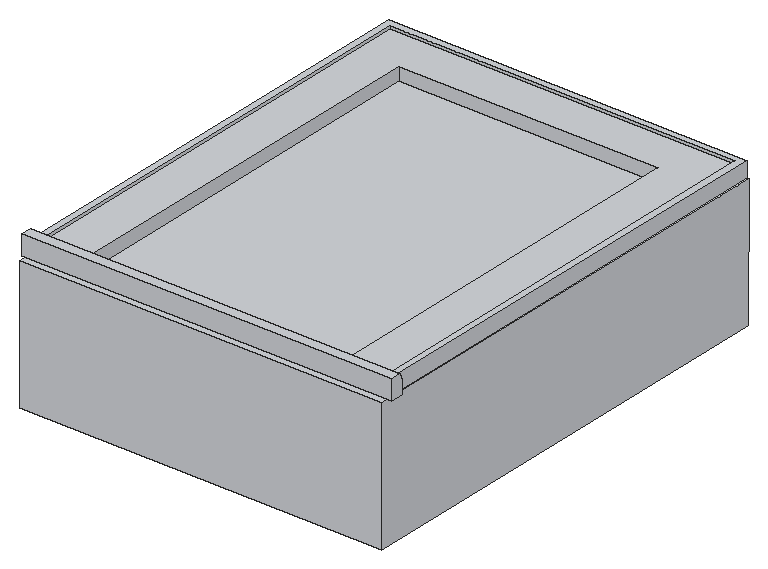
Revit family "M_Moldura-janela-exterior-plana-apoio-colonial", category Modelos genéricos, Revit 2019
Family settings
  Hospedeiro = Face
  Pode hospedar o vergalhão = Não
  Cota do conector redondo = Utilizar diâmetro
  Tipo de parte = Normal
  Corte com vazios quando carregada = Não
  Compartilhado = Sim
  Ponto de cálculo do ambiente = Não
Parameters (values of type "Padrão")
  Largura da apara = 115 mm
  Espessura da apara = 30 mm
  Material da apara [instance] = none
  Espessura do peitoril = 30 mm
  Largura da abertura [instance] = 600 mm
  Altura da abertura [instance] = 900 mm
  Elevação-padrão = 1200 mm
  Largura do apoio = 15 mm
  Espessura do apoio = 6 mm
Reference planes
  plane 1 "Centro (Frente/Trás)": y = 0
  plane 2: z = 0
  plane 3 "Centro (Esquerda/Direita)": x = 0
  plane 4: y = 115
  plane 5 "Esquerda": x = -300
  plane 6 "Direita": x = 300
  plane 7 "Inferior": y = -900
  plane 8: x = 415
  plane 9: x = -415
  plane 10: z = 30
  plane 11: x = 427.7
  plane 12: x = -427.7
  plane 13: y = -930
  plane 14: y = -450
  plane 15: z = 45.875
  plane 16: x = -400
  plane 17: x = 400
  plane 18: z = 36
Forms (mm)
  Extrusion 1, solid
    sketch origin (0, 0, 0) x (1, 0, 0) y (0, 1, 0)
      loop
        line (-419.1, 114.3) -> (-419.1, -946.15) -> (419.1, -946.15) -> (419.1, 114.3) -> (-419.1, 114.3)
    from 0 to -304.8
  Extrusion 2, solid, material <- "Material da apara"
    sketch origin (0, 0, 0) x (0, 1, 0) y (0, 0, 1)
      loop
        line (-900, 0) -> (-900, 30) -> (-905.778, 45.875) -> (-930, 45.875) -> (-930, 0) -> (-900, 0)
    from -427.7 to 427.7
  Sweep 3, solid, material <- "Material da apara"
    path origin (0, 0, 0) x (1, 0, 0) y (0, 1, 0)
      loop
        line (300, -900) -> (300, 0) -> (-300, 0) -> (-300, -900)
    profile origin (-300, -450, 0) x (1, 0, 0) y (0, 0, 1)
      loop
        line (0, 0) -> (0, 30) -> (-100, 30) -> (-100, 36) -> (-115, 36) -> (-115, 0) -> (0, 0)
Dimensions and locks
  equal spacing: plane 5 "Esquerda", plane 3 "Centro (Esquerda/Direita)", plane 6 "Direita"
  "Largura da abertura": plane 5 "Esquerda" to plane 6 "Direita"
  "Altura da abertura": plane 7 "Inferior" to plane 1 "Centro (Frente/Trás)"
  "Largura da apara": plane 9 to plane 5 "Esquerda"
  "Largura da apara": plane 6 "Direita" to plane 8
  "Largura da apara": plane 1 "Centro (Frente/Trás)" to plane 4
  locked: plane 12 to plane 9 at 12.7
  locked: plane 8 to plane 11 at 12.7
  equal spacing: plane 7 "Inferior", plane 14, plane 1 "Centro (Frente/Trás)"
  "Espessura da apara": plane 10 to plane 2
  "Espessura do peitoril": plane 7 "Inferior" to plane 13
  "Largura do apoio": plane 17 to plane 8
  "Largura do apoio": plane 9 to plane 16
  locked: plane 15 to plane 10 at 15.875
  "Espessura do apoio": plane 10 to plane 18
  locked: Extrusion 2 sketch curve to plane 7 "Inferior" (angle 20.00°)
  aligned and locked: plane 2 to Extrusion 1
  aligned and locked: level to Extrusion 1
  aligned and locked: Extrusion 2 sketch curve to level
  aligned and locked: plane 7 "Inferior" to Extrusion 2 sketch curve  (x2)
  aligned and locked: plane 12 to Extrusion 2
  aligned and locked: Extrusion 2 to plane 11
  aligned and locked: Sweep 3 sketch curve to plane 5 "Esquerda"
  aligned and locked: Sweep 3 sketch curve to plane 1 "Centro (Frente/Trás)"
  aligned and locked: Sweep 3 sketch curve to plane 6 "Direita"
  aligned and locked: plane 7 "Inferior" to Sweep 3 sketch curve  (x2)
  aligned and locked: plane 15 to Extrusion 2 sketch curve
  aligned and locked: Sweep 3 sketch curve to plane 2
  aligned and locked: plane 9 to Sweep 3 sketch curve
  aligned and locked: plane 5 "Esquerda" to Sweep 3 sketch curve  (x2)
  aligned and locked: plane 16 to Sweep 3 sketch curve  (x2)
  aligned and locked: Sweep 3 sketch curve to Sweep 3 sketch curve
  aligned and locked: Sweep 3 sketch curve to plane 9
  aligned and locked: plane 2 to Sweep 3 sketch curve
  aligned and locked: plane 10 to Extrusion 2 sketch curve
  aligned and locked: Sweep 3 sketch curve to plane 18
  aligned and locked: Sweep 3 sketch curve to plane 10
Automatic sketch dimensions
  Extrusion 1 sketch curve to Extrusion 1 sketch curve = 838.2 mm
  Extrusion 1 sketch curve to Extrusion 1 sketch curve = 1060.45 mm
  Extrusion 2 sketch curve to plane 13 = 0 mm
